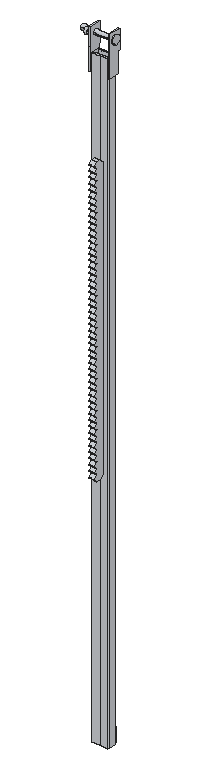
Revit family "051040_Rack CB 240", category Generic Models, Revit 2018
Family settings
  Can host rebar = No
  Round Connector Dimension = Use Diameter
  Part Type = Normal
  Work Plane-Based = No
  Always vertical = Yes
  Cut with Voids When Loaded = No
  Shared = No
  Room Calculation Point = No
Reference planes
  plane 1 "Center (Front/Back)": y = 0
  plane 2: z = 0
  plane 3 "Center (Left/Right)": x = 0
  plane 4: z = 2160
  plane 5: x = 2192
  plane 6: x = 32
  plane 7: z = 2240
Forms (mm)
  Extrusion 1, solid
    sketch origin (0, 0, 0) x (1, 0, 0) y (0, 1, 0)
      loop
        line (0, 0) -> (28, 0) -> (32, 4) -> (32, 26) -> (28, 30) -> (-28, 30) -> (-32, 26) -> (-32, 4) -> (-28, 0) -> (0, 0)
      loop
        line (28, 26) -> (-28, 26) -> (-28, 4) -> (0, 4) -> (28, 4) -> (28, 26)
    from 0 to 2160
  Extrusion 2, solid
    sketch origin (0, 0, 0) x (1, 0, 0) y (0, 1, 0)
      loop
        line (0, 40) -> (-25, 40) -> (-25, 30) -> (25, 30) -> (25, 40) -> (0, 40)
    from 0 to 50
  Extrusion 3, solid
    sketch origin (0, 0, 18.349) x (0, 1, 0) y (0, 0, 1)
      loop
        line (0, 2160) -> (0, 2081.651) -> (35, 2081.651) -> (35, 2154.337) -> (40, 2154.337) -> (40, 2221.651) -> (0, 2221.651) -> (0, 2160)
    from 32 to 37
  Extrusion 4, solid
    sketch origin (0, 0, 18.349) x (0, 1, 0) y (0, 0, -1)
      loop
        line (0, -2160) -> (0, -2221.651) -> (40, -2221.651) -> (40, -2154.337) -> (35, -2154.337) -> (35, -2081.651) -> (0, -2081.651) -> (0, -2160)
    from 32 to 37
  Extrusion 5, solid
    sketch origin (0, 0, 0) x (0, 1, 0) y (0, 0, 1)
      loop
        circle (18.738, 2216.599) r 8
    from -74.166 to 37
  Extrusion 6, solid
    sketch origin (0, 0, 17.33) x (0, 1, 0) y (0, 0, 1)
      loop
        circle (18.738, 2199.027) r 15
    from 42.805 to 37
  Extrusion 7, solid
    sketch origin (0, 0, 0) x (1, 0, 0) y (0, 0, 1)
      loop
        circle (-44.512, 2216.875) r 3
    from -44.059 to 0
  Revolve 8, solid
    sketch origin (0, 0, 0) x (1, 0, 0) y (0, 0, 1)
      loop
        circle (-44.512, 2216.875) r 3
      axis (-47.512, 2224.089) -> (-41.512, 2224.089)
    angle from 0 to -180
  Extrusion 9, solid
    sketch origin (0, 0, 14.428) x (1, 0, 0) y (0, 0, 1)
      loop
        circle (-44.512, 2216.875) r 3
    from -6.995 to 0
  Extrusion 10, solid
    sketch origin (0, 0, 0) x (1, 0, 0) y (0, 0, 1)
      loop
        line (10, 1840) -> (-10, 1840) -> (-10, 840) -> (10, 840) -> (10, 1840)
    from 0 to 33
  Extrusion 11, void
    sketch origin (0, 0, 0) x (0, 1, 0) y (0, 0, 1)
      loop
        line (-43, 1840) -> (-43, 840) -> (-23, 840) -> (-33, 850) -> (-23, 860) -> (-33, 870) -> (-23, 880) -> (-33, 890) -> (-23, 900) -> (-33, 910) -> (-23, 920) -> (-33, 930) -> (-23, 940) -> (-33, 950) -> (-23, 960) -> (-33, 970) -> (-23, 980) -> (-33, 990) -> (-23, 1000) -> (-33, 1010) -> (-23, 1020) -> (-33, 1030) -> (-23, 1040) -> (-33, 1050) -> (-23, 1060) -> (-33, 1070) -> (-23, 1080) -> (-33, 1090) -> (-23, 1100) -> (-33, 1110) -> (-23, 1120) -> (-33, 1130) -> (-23, 1140) -> (-33, 1150) -> (-23, 1160) -> (-33, 1170) -> (-23, 1180) -> (-33, 1190) -> (-23, 1200) -> (-33, 1210) -> (-23, 1220) -> (-33, 1230) -> (-23, 1240) -> (-33, 1250) -> (-23, 1260) -> (-33, 1270) -> (-23, 1280) -> (-33, 1290) -> (-23, 1300) -> (-33, 1310) -> (-23, 1320) -> (-33, 1330) -> (-23, 1340) -> (-33, 1350) -> (-23, 1360) -> (-33, 1370) -> (-23, 1380) -> (-33, 1390) -> (-23, 1400) -> (-33, 1410) -> (-23, 1420) -> (-33, 1430) -> (-23, 1440) -> (-33, 1450) -> (-23, 1460) -> (-33, 1470) -> (-23, 1480) -> (-33, 1490) -> (-23, 1500) -> (-33, 1510) -> (-23, 1520) -> (-33, 1530) -> (-23, 1540) -> (-33, 1550) -> (-23, 1560) -> (-33, 1570) -> (-23, 1580) -> (-33, 1590) -> (-23, 1600) -> (-33, 1610) -> (-23, 1620) -> (-33, 1630) -> (-23, 1640) -> (-33, 1650) -> (-23, 1660) -> (-33, 1670) -> (-23, 1680) -> (-33, 1690) -> (-23, 1700) -> (-33, 1710) -> (-23, 1720) -> (-33, 1730) -> (-23, 1740) -> (-33, 1750) -> (-23, 1760) -> (-33, 1770) -> (-23, 1780) -> (-33, 1790) -> (-23, 1800) -> (-33, 1810) -> (-23, 1820) -> (-33, 1830) -> (-23, 1840) -> (-43, 1840)
    from -10 to 10
  Extrusion 12, void
    sketch origin (0, 0, 0) x (0, 1, 0) y (0, 0, 1)
      loop
        line (0, 1840) -> (-10, 1840) -> (0, 1830) -> (0, 1840)
      loop
        line (0, 840) -> (0, 850) -> (-10, 840) -> (0, 840)
    from -10 to 10
Cuts and joins
  Extrusion 11, Extrusion 12 cuts Extrusion 10
  joined: Extrusion 1, Extrusion 2, Extrusion 3, Extrusion 4, Extrusion 5, Extrusion 6, Extrusion 7, Revolve 8, Extrusion 9, Extrusion 10
Dimensions and locks
  Extrusion 3 to plane 4 = 80 mm
  aligned and locked: level to plane 2
